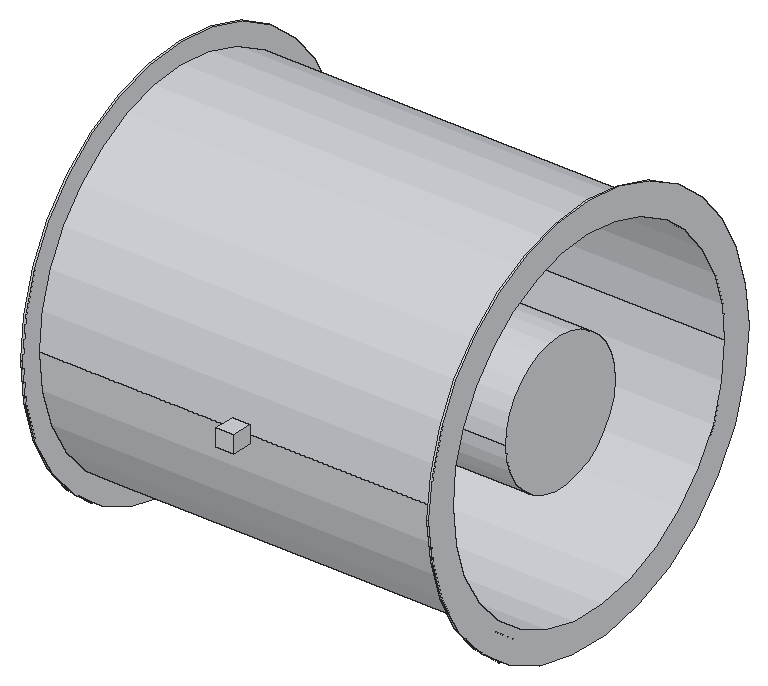
Revit family "轴流式管道风机", category 机械设备, Revit 2016
Family settings
  零件类型 = 标准
  圆形连接件大小 = 使用直径
  基于工作平面 = 否
  总是垂直 = 是
  加载时剪切的空心 = 否
  共享 = 否
  房间计算点 = 否
Parameters (values of type "标准")
  风量 [instance] = 399.6 m³/h
  风机长度 [instance] = 600 mm
  风机直径 [instance] = 风管半径 * 2 + 法兰延伸长度 * 2  # 585 mm
  风管半径的一半 [instance] = 风管半径 / 2  # 131.25 mm
  风管半径 [instance] = 入口半径 * 1.05  # 262.5 mm
  风机材质 [instance] = none
  风机半径 [instance] = 风机直径 / 2  # 292.5 mm
  长度 [instance] = 风机长度 * 0.3  # 180 mm
  重量 [instance] = 11.00 kg
  转速 [instance] = "1450 r/min"
  负荷分类 [instance] = 电力
  视在负荷 [instance] = 25 VA
  统计名称 [instance] = ""
  类型注释 = "轴流式管道风机"
  符号长度 [instance] = 风管半径的一半  # 131.25 mm
  电压 [instance] = 380 V
  电动机长度 [instance] = (风机长度 - 长度) * 0.9  # 378 mm
  电动机半径 [instance] = 入口半径 * 0.4  # 100 mm
  法兰延伸长度 [instance] = 30 mm
  叶片延伸高度 [instance] = sqrt((叶片半长) * (叶片半长) - (叶片宽度) * (叶片宽度) / 4)  # 205.752 mm
  法兰厚度 [instance] = 3 mm
  极数 [instance] = 3
  接线盒尺寸 [instance] = 电动机半径 * 0.25  # 25 mm
  声音 [instance] = "54 dB"
  型号 = "标准"
  叶片长度 [instance] = 入口直径 * 0.85  # 425 mm
  叶片宽度 [instance] = 叶片长度 * 0.25  # 106.25 mm
  叶片厚度 [instance] = 风机长度 * 0.05  # 30 mm
  叶片半长 [instance] = 叶片长度 * 0.5  # 212.5 mm
  半径R [instance] = sqrt((叶片延伸高度 / 2) ^ (2) + (叶片宽度 / 2) ^ (2))  # 115.783 mm
  半径 [instance] = 电动机半径 * 0.35  # 35 mm
  功率系数 [instance] = 0.85
  功率 [instance] = 20 W
  出口直径 [instance] = 入口直径  # 500 mm
  Manufacturer = ""
  全压 [instance] = 29.0 Pa
  入口直径 [instance] = 500 mm
  入口半径 [instance] = 入口直径 / 2  # 250 mm
Reference planes
  plane 1 "中心(前/后)": y = 0
  plane 2: z = 0
  plane 3 "中心(左/右)": x = 0
  plane 4 "法兰4": x = 300
  plane 5 "法兰2": x = -297
  plane 6 "法兰3": x = 297
  plane 7 "叶片2": x = -260
  plane 8 "叶片1": x = -290
  plane 9 "符号中心": x = -120
  plane 10 "电动机末端": x = 258
  plane 11: y = 292.5
  plane 12: y = -292.5
  plane 13: y = 262.5
  plane 14: y = -262.5
  plane 15: y = 131.25
  plane 16: y = -131.25
  plane 17: y = 100
  plane 18: y = -100
  plane 19 "符号半径2": x = 11.25
  plane 20 "符号半径1": x = -251.25
  plane 21: z = 0
  plane 22: y = -53.125
  plane 23: y = 53.125
  plane 24: z = 205.752
  plane 25: z = -205.752
  plane 26: y = 205.752
  plane 27: y = -205.752
  plane 28: z = 53.125
  plane 29: z = -53.125
  plane 30: z = 131.25
  plane 31: z = 262.5
  plane 32: z = -131.25
  plane 33: z = -262.5
  plane 34: z = 100
  plane 35: z = -100
  plane 36 "法兰1": x = -300
  plane 37: z = 103.5
  plane 38: z = -103.5
  plane 39: z = 292.5
  plane 40: z = -292.5
Forms (mm)
  Extrusion 1, solid, material <- "风机材质", detail levels fine
    sketch origin (0, 0, 0) x (0, 1, 0) y (0, 0, 1)
      loop
        circle (0, 0) r 262.5
    from -297 to 297
  Extrusion 2, void, detail levels fine
    sketch origin (0, 0, 0) x (0, 1, 0) y (0, 0, 1)
      loop
        circle (0, 0) r 250
    from -300 to 300
  Extrusion 3, solid, material <- "风机材质", detail levels fine
    sketch origin (0, 0, 0) x (0, 1, 0) y (0, 0, 1)
      loop
        arc (53.125, 0) -> (115.783, 102.876) -> (53.125, 205.752) r 115.783
        arc (53.125, 205.752) -> (0, 212.5) -> (-53.125, 205.752) r 212.5
        arc (-53.125, 205.752) -> (-115.783, 102.876) -> (-53.125, 0) r 115.783
        line (-53.125, 0) -> (53.125, 0)
    from -290 to -260
  Extrusion 4, solid, material <- "风机材质", detail levels fine
    sketch origin (0, 0, 320) x (0, 1, 0) y (0, 0, 1)
      loop
        line (53.125, -320) -> (-53.125, -320)
        arc (-53.125, -320) -> (-115.783, -422.876) -> (-53.125, -525.752) r 115.783
        arc (-53.125, -525.752) -> (0, -532.5) -> (53.125, -525.752) r 212.5
        arc (53.125, -525.752) -> (115.783, -422.876) -> (53.125, -320) r 115.783
    from -290 to -260
  Extrusion 5, solid, material <- "风机材质", detail levels fine
    sketch origin (0, 160, 160) x (0, 0, -1) y (0, 1, 0)
      loop
        line (213.125, -160) -> (106.875, -160)
        arc (106.875, -160) -> (44.217, -262.876) -> (106.875, -365.752) r 115.783
        arc (106.875, -365.752) -> (160, -372.5) -> (213.125, -365.752) r 212.5
        arc (213.125, -365.752) -> (275.783, -262.876) -> (213.125, -160) r 115.783
    from -290 to -260
  Extrusion 6, solid, material <- "风机材质", detail levels fine
    sketch origin (0, -160, 160) x (0, 0, -1) y (0, 1, 0)
      loop
        arc (213.125, 160) -> (275.783, 262.876) -> (213.125, 365.752) r 115.783
        arc (213.125, 365.752) -> (160, 372.5) -> (106.875, 365.752) r 212.5
        arc (106.875, 365.752) -> (44.217, 262.876) -> (106.875, 160) r 115.783
        line (106.875, 160) -> (213.125, 160)
    from -290 to -260
  Extrusion 7, solid, material <- "风机材质", detail levels fine
    sketch origin (0, 0, 0) x (0, 1, 0) y (0, 0, 1)
      loop
        circle (0, 0) r 100
    from -120 to 258
  Extrusion 8, solid, material <- "风机材质", detail levels fine
    sketch origin (0, 0, 0) x (0, 1, 0) y (0, 0, 1)
      loop
        circle (0, 0) r 35
    from -300 to -120
  Extrusion 9, solid, material <- "风机材质", detail levels fine
    sketch origin (0, 0, 0) x (1, 0, 0) y (0, 0, 1)
      loop
        line (-12.5, 12.5) -> (-12.5, -12.5) -> (12.5, -12.5) -> (12.5, 12.5) -> (-12.5, 12.5)
    from 262.5 to 292.5
  Extrusion 10, solid, material <- "风机材质", detail levels fine
    sketch origin (0, 0, 0) x (0, 1, 0) y (0, 0, 1)
      loop
        circle (0, 0) r 292.5
    from -300 to -297
  Extrusion 11, solid, material <- "风机材质", detail levels fine
    sketch origin (0, 0, 0) x (0, 1, 0) y (0, 0, 1)
      loop
        circle (0, 0) r 292.5
    from 297 to 300
  Extrusion 12, solid, material <- "风机材质", detail levels medium
    sketch origin (0, 710, 0) x (0, 1, 0) y (0, 0, 1)
      loop
        circle (-710, 0) r 262.5
    from -297 to 297
  Extrusion 13, solid, material <- "风机材质", detail levels medium
    sketch origin (0, 640, 0) x (0, 1, 0) y (0, 0, 1)
      loop
        circle (-640, 0) r 292.5
    from -300 to -297
  Extrusion 14, solid, material <- "风机材质", detail levels medium
    sketch origin (0, 640, 0) x (0, 1, 0) y (0, 0, 1)
      loop
        circle (-640, 0) r 292.5
    from 297 to 300
  Extrusion 15, solid, material <- "风机材质", detail levels medium
    sketch origin (0, 200, 0) x (0, 1, 0) y (0, 0, 1)
      loop
        arc (-146.875, 0) -> (-84.217, 102.876) -> (-146.875, 205.752) r 115.783
        arc (-146.875, 205.752) -> (-200, 212.5) -> (-253.125, 205.752) r 212.5
        arc (-253.125, 205.752) -> (-315.783, 102.876) -> (-253.125, 0) r 115.783
        line (-253.125, 0) -> (-146.875, 0)
    from -290 to -260
  Extrusion 16, solid, material <- "风机材质", detail levels medium
    sketch origin (0, 0, 320) x (0, 1, 0) y (0, 0, 1)
      loop
        line (53.125, -320) -> (-53.125, -320)
        arc (-53.125, -320) -> (-115.783, -422.876) -> (-53.125, -525.752) r 115.783
        arc (-53.125, -525.752) -> (0, -532.5) -> (53.125, -525.752) r 212.5
        arc (53.125, -525.752) -> (115.783, -422.876) -> (53.125, -320) r 115.783
    from -290 to -260
  Extrusion 17, solid, material <- "风机材质", detail levels medium
    sketch origin (0, 800, 160) x (0, 0, -1) y (0, 1, 0)
      loop
        line (213.125, -800) -> (106.875, -800)
        arc (106.875, -800) -> (44.217, -902.876) -> (106.875, -1005.752) r 115.783
        arc (106.875, -1005.752) -> (160, -1012.5) -> (213.125, -1005.752) r 212.5
        arc (213.125, -1005.752) -> (275.783, -902.876) -> (213.125, -800) r 115.783
    from -290 to -260
  Extrusion 18, solid, material <- "风机材质", detail levels medium
    sketch origin (0, -160, 160) x (0, 0, -1) y (0, 1, 0)
      loop
        arc (213.125, 160) -> (275.783, 262.876) -> (213.125, 365.752) r 115.783
        arc (213.125, 365.752) -> (160, 372.5) -> (106.875, 365.752) r 212.5
        arc (106.875, 365.752) -> (44.217, 262.876) -> (106.875, 160) r 115.783
        line (106.875, 160) -> (213.125, 160)
    from -290 to -260
  Extrusion 19, solid, material <- "风机材质", detail levels medium
    sketch origin (0, 460, 0) x (0, 1, 0) y (0, 0, 1)
      loop
        circle (-460, 0) r 100
    from -120 to 258
  Extrusion 20, solid, material <- "风机材质", detail levels medium
    sketch origin (0, 0, 440) x (1, 0, 0) y (0, 0, 1)
      loop
        line (-12.5, -427.5) -> (-12.5, -452.5) -> (12.5, -452.5) -> (12.5, -427.5) -> (-12.5, -427.5)
    from 262.5 to 292.5
  Extrusion 21, solid, material <- "风机材质", detail levels medium
    sketch origin (0, 274.134, 0) x (0, 1, 0) y (0, 0, 1)
      loop
        circle (-274.134, 0) r 35
    from -300 to -120
Cuts and joins
  joined: Extrusion 3, Extrusion 4, Extrusion 5, Extrusion 6
  Extrusion 2 cuts Extrusion 1
  Extrusion 2 cuts Extrusion 10
  Extrusion 2 cuts Extrusion 11
  joined: Extrusion 1, Extrusion 10, Extrusion 11
  Extrusion 2 cuts Extrusion 12
  Extrusion 2 cuts Extrusion 13
  Extrusion 2 cuts Extrusion 14
  joined: Extrusion 12, Extrusion 13, Extrusion 14
  joined: Extrusion 15, Extrusion 16, Extrusion 17, Extrusion 18
  joined: Extrusion 19, Extrusion 21
Lines and regions (mm)
  symbolic lines, detail levels coarse+medium
    curve 1: arc (-120, 0, 262.5) -> (-65.634, 0, 131.25) -> (-120, 0, 0) r 185.616
    curve 2: arc (-120, 0, 262.5) -> (-173.905, 0, 131.25) -> (-120, 0, 0) r 186.739
    curve 3: arc (-120, 0, -262.5) -> (-65.634, 0, -131.25) -> (-120, 0, 0) r 185.616
    curve 4: arc (-120, 0, -262.5) -> (-174.366, 0, -131.25) -> (-120, 0, 0) r 185.616
    curve 5: line (-120, 0, 0) -> (0, 0, 0)
    curve 6: line (-300, 0, 262.5) -> (300, 0, 262.5)
    curve 7: line (-300, 0, -262.5) -> (300, 0, -262.5)
    curve 22: line (258, 0, -100) -> (0, 0, -100)
    curve 23: line (258, 0, 100) -> (258, 0, -100)
    curve 24: line (0, 0, 100) -> (258, 0, 100)
    curve 25: line (0, 0, -100) -> (0, 0, 100)
    curve 26: line (-300, 0, 292.5) -> (-300, 0, -292.5)
    curve 27: line (300, 0, -292.5) -> (300, 0, 292.5)
  symbolic lines, detail levels coarse
    curve 8: line (300, 0, 0) -> (300, 0, 8.57)
  model lines, detail levels coarse
    curve 9: line (300, -292.5, 0) -> (300, 292.5, 0)
    curve 10: line (-300, 292.5, 0) -> (-300, -292.5, 0)
    curve 11: line (-300, 262.5, 0) -> (300, 262.5, 0)
    curve 12: line (-300, -262.5, 0) -> (300, -262.5, 0)
    curve 13: arc (-120, 262.5, 0) -> (-65.634, 131.25, 0) -> (-120, 0, 0) r 185.616
    curve 14: arc (-120, 262.5, 0) -> (-174.366, 131.25, 0) -> (-120, 0, 0) r 185.616
    curve 15: arc (-120, -262.5, 0) -> (-65.634, -131.25, 0) -> (-120, 0, 0) r 185.616
    curve 16: arc (-120, -262.5, 0) -> (-174.366, -131.25, 0) -> (-120, 0, 0) r 185.616
    curve 17: line (-120, 0, 0) -> (0, 0, 0)
    curve 18: line (0, 100, 0) -> (258, 100, 0)
    curve 19: line (0, -100, 0) -> (0, 100, 0)
    curve 20: line (258, -100, 0) -> (0, -100, 0)
    curve 21: line (258, 100, 0) -> (258, -100, 0)
  symbolic lines, style "MechanicalEquipment", detail levels medium
    curve 28: line (300, -292.5, 0) -> (300, 292.5, 0)
    curve 29: line (-300, 292.5, 0) -> (-300, -292.5, 0)
    curve 30: line (-300, 262.5, 0) -> (300, 262.5, 0)
    curve 31: line (-300, -262.5, 0) -> (300, -262.5, 0)
    curve 32: arc (-120, 262.5, 0) -> (-65.634, 131.25, 0) -> (-120, 0, 0) r 185.616
    curve 33: arc (-120, 262.5, 0) -> (-174.366, 131.25, 0) -> (-120, 0, 0) r 185.616
    curve 34: arc (-120, -262.5, 0) -> (-65.634, -131.25, 0) -> (-120, 0, 0) r 185.616
    curve 35: arc (-120, -262.5, 0) -> (-174.366, -131.25, 0) -> (-120, 0, 0) r 185.616
    curve 36: line (-120, 0, 0) -> (0, 0, 0)
    curve 37: line (0, 100, 0) -> (258, 100, 0)
    curve 38: line (0, -100, 0) -> (0, 100, 0)
    curve 39: line (258, -100, 0) -> (0, -100, 0)
    curve 40: line (258, 100, 0) -> (258, -100, 0)
Dimensions and locks
  "法兰厚度": plane 36 "法兰1" to plane 5 "法兰2"
  "叶片厚度": plane 8 "叶片1" to plane 7 "叶片2"
  equal spacing: plane 11, plane 1 "中心(前/后)", plane 12
  "风机直径": plane 11 to plane 12
  "风管半径": plane 1 "中心(前/后)" to plane 13
  "风管半径": plane 14 to plane 1 "中心(前/后)"
  "电动机半径": plane 1 "中心(前/后)" to plane 17
  "电动机半径": plane 18 to plane 1 "中心(前/后)"
  "符号长度": plane 9 "符号中心" to plane 19 "符号半径2"
  "符号长度": plane 20 "符号半径1" to plane 9 "符号中心"
  "叶片宽度": plane 23 to plane 22
  equal spacing: plane 23, plane 1 "中心(前/后)", plane 22
  "叶片延伸高度": plane 24 to plane 21
  equal spacing: plane 25, plane 21, plane 24
  "叶片延伸高度": plane 26 to plane 1 "中心(前/后)"
  equal spacing: plane 26, plane 1 "中心(前/后)", plane 27
  "叶片宽度": plane 28 to plane 29
  equal spacing: plane 28, plane 21, plane 29
  equal spacing: Extrusion 9 sketch curve, plane 21, Extrusion 9 sketch curve
  Extrusion 9 sketch curve to Extrusion 9 sketch curve = 25 mm
  "接线盒尺寸": Extrusion 9 sketch curve to Extrusion 9 sketch curve  (x2)
  equal spacing: plane 31, plane 30, plane 21
  "风管半径的一半": plane 32 to plane 21
  equal spacing: plane 33, plane 32, plane 21
  "电动机半径": plane 34 to plane 21
  "电动机半径": plane 21 to plane 35
  "风机长度": plane 36 "法兰1" to plane 4 "法兰4"
  "法兰厚度": plane 6 "法兰3" to plane 4 "法兰4"
  "电动机长度": plane 9 "符号中心" to plane 10 "电动机末端"
  "长度": plane 36 "法兰1" to plane 9 "符号中心"
  equal spacing: plane 36 "法兰1", plane 3 "中心(左/右)", plane 4 "法兰4"
  plane 36 "法兰1" to plane 8 "叶片1" = 10 mm
  equal spacing: Extrusion 9 sketch curve, curve 25, Extrusion 9 sketch curve
  equal spacing: plane 14, plane 1 "中心(前/后)", plane 13
  equal spacing: plane 1 "中心(前/后)", plane 15, plane 13
  equal spacing: plane 14, plane 16, plane 1 "中心(前/后)"
  "风管半径的一半": plane 30 to level
  "风机直径": plane 39 to plane 40
  equal spacing: plane 39, plane 21, plane 40
  equal spacing: Extrusion 20 sketch curve, level, Extrusion 20 sketch curve
  "接线盒尺寸": Extrusion 20 sketch curve to Extrusion 20 sketch curve  (x2)
  equal spacing: Extrusion 20 sketch curve, plane 3 "中心(左/右)", Extrusion 20 sketch curve
  "风管半径": radius of Extrusion 1 sketch curve
  "入口半径": radius of Extrusion 2 sketch curve
  "叶片半长": radius of Extrusion 3 sketch curve
  "半径R": radius of Extrusion 3 sketch curve  (x2)
  "叶片半长": radius of Extrusion 4 sketch curve
  "半径R": radius of Extrusion 4 sketch curve  (x2)
  "叶片半长": radius of Extrusion 5 sketch curve
  "半径R": radius of Extrusion 5 sketch curve  (x2)
  "叶片半长": radius of Extrusion 6 sketch curve
  "半径R": radius of Extrusion 6 sketch curve  (x2)
  "电动机半径": radius of Extrusion 7 sketch curve
  "半径": radius of Extrusion 8 sketch curve
  "风机半径": radius of Extrusion 10 sketch curve
  "风机半径": radius of Extrusion 11 sketch curve
  "风管半径": radius of Extrusion 12 sketch curve
  "风机半径": radius of Extrusion 13 sketch curve
  "风机半径": radius of Extrusion 14 sketch curve
  "叶片半长": radius of Extrusion 15 sketch curve
  "半径R": radius of Extrusion 15 sketch curve  (x2)
  "叶片半长": radius of Extrusion 16 sketch curve
  "半径R": radius of Extrusion 16 sketch curve  (x2)
  "叶片半长": radius of Extrusion 17 sketch curve
  "半径R": radius of Extrusion 17 sketch curve  (x2)
  "叶片半长": radius of Extrusion 18 sketch curve
  "半径R": radius of Extrusion 18 sketch curve  (x2)
  "电动机半径": radius of Extrusion 19 sketch curve
  "半径": radius of Extrusion 21 sketch curve
  aligned and locked: plane 21 to Extrusion 1 sketch curve
  aligned and locked: plane 1 "中心(前/后)" to Extrusion 1 sketch curve
  aligned and locked: Extrusion 1 to plane 5 "法兰2"
  aligned and locked: plane 6 "法兰3" to Extrusion 1
  aligned and locked: plane 21 to Extrusion 2 sketch curve
  aligned and locked: plane 1 "中心(前/后)" to Extrusion 2 sketch curve
  aligned and locked: plane 4 "法兰4" to Extrusion 2
  aligned and locked: plane 1 "中心(前/后)" to Extrusion 3 sketch curve  (x3)
  aligned and locked: plane 24 to Extrusion 3 sketch curve
  aligned and locked: plane 22 to Extrusion 3 sketch curve
  aligned and locked: plane 21 to Extrusion 3 sketch curve  (x2)
  aligned and locked: plane 23 to Extrusion 3 sketch curve
  aligned and locked: Extrusion 3 to plane 8 "叶片1"
  aligned and locked: plane 7 "叶片2" to Extrusion 3
  aligned and locked: plane 1 "中心(前/后)" to Extrusion 6  (x2)
  aligned and locked: Extrusion 5 to plane 1 "中心(前/后)"
  aligned and locked: plane 21 to Extrusion 4
  aligned and locked: Extrusion 3 to plane 21
  aligned and locked: Extrusion 6 to plane 8 "叶片1"
  aligned and locked: plane 7 "叶片2" to Extrusion 6
  aligned and locked: Extrusion 6 to Extrusion 3
  aligned and locked: Extrusion 5 to plane 8 "叶片1"
  aligned and locked: plane 7 "叶片2" to Extrusion 5
  aligned and locked: Extrusion 3 to Extrusion 4
  aligned and locked: Extrusion 4 to plane 8 "叶片1"
  aligned and locked: plane 7 "叶片2" to Extrusion 4
  aligned and locked: plane 21 to Extrusion 7 sketch curve
  aligned and locked: plane 1 "中心(前/后)" to Extrusion 7 sketch curve
  aligned and locked: plane 1 "中心(前/后)" to Extrusion 8 sketch curve
  aligned and locked: plane 21 to Extrusion 8 sketch curve
  aligned and locked: plane 10 "电动机末端" to Extrusion 7  (x3)
  aligned and locked: Extrusion 7 to plane 9 "符号中心"
  aligned and locked: plane 9 "符号中心" to Extrusion 8
  aligned and locked: plane 1 "中心(前/后)" to Extrusion 6 sketch curve  (x3)
  aligned and locked: plane 26 to Extrusion 6 sketch curve  (x2)
  aligned and locked: plane 28 to Extrusion 6 sketch curve
  aligned and locked: plane 29 to Extrusion 6 sketch curve
  aligned and locked: plane 21 to Extrusion 6 sketch curve
  aligned and locked: plane 21 to Extrusion 5 sketch curve  (x3)
  aligned and locked: plane 1 "中心(前/后)" to Extrusion 5 sketch curve  (x3)
  aligned and locked: plane 28 to Extrusion 5 sketch curve
  aligned and locked: plane 29 to Extrusion 5 sketch curve
  aligned and locked: plane 21 to Extrusion 4 sketch curve  (x3)
  aligned and locked: plane 1 "中心(前/后)" to Extrusion 4 sketch curve  (x3)
  aligned and locked: plane 22 to Extrusion 4 sketch curve
  aligned and locked: plane 23 to Extrusion 4 sketch curve
  aligned and locked: Extrusion 8 to Extrusion 7
  aligned and locked: plane 12 to Extrusion 9
  aligned and locked: plane 20 "符号半径1" to curve 1
  aligned and locked: plane 30 to curve 1
  aligned and locked: plane 9 "符号中心" to curve 1
  aligned and locked: plane 32 to curve 3
  aligned and locked: plane 20 "符号半径1" to curve 3
  aligned and locked: curve 5 to plane 21
  aligned and locked: plane 4 "法兰4" to curve 7
  aligned and locked: Extrusion 9 to plane 12  (x2)
  aligned and locked: plane 14 to Extrusion 9
  aligned and locked: plane 13 to curve 11
  aligned and locked: curve 12 to plane 14
  aligned and locked: plane 4 "法兰4" to curve 12
  aligned and locked: plane 15 to curve 13
  aligned and locked: plane 20 "符号半径1" to curve 13
  aligned and locked: plane 15 to curve 14
  aligned and locked: plane 19 "符号半径2" to curve 14
  aligned and locked: plane 16 to curve 16
  aligned and locked: plane 9 "符号中心" to curve 16
  aligned and locked: plane 17 to curve 18
  aligned and locked: curve 10 to Extrusion 10 sketch curve
  aligned and locked: plane 1 "中心(前/后)" to Extrusion 10 sketch curve
  aligned and locked: plane 5 "法兰2" to Extrusion 10
  aligned and locked: plane 21 to Extrusion 11 sketch curve
  aligned and locked: plane 1 "中心(前/后)" to Extrusion 11 sketch curve
  aligned and locked: plane 4 "法兰4" to Extrusion 11
  aligned and locked: Extrusion 11 to plane 6 "法兰3"
  aligned and locked: curve 23 to plane 10 "电动机末端"
  aligned and locked: plane 34 to curve 24
  aligned and locked: plane 35 to curve 22
  aligned and locked: Extrusion 10 to plane 36 "法兰1"
  aligned and locked: Extrusion 10 to Extrusion 1
  aligned and locked: Extrusion 10 to Extrusion 2
  aligned and locked: Extrusion 11 to Extrusion 2
  aligned and locked: Extrusion 11 to Extrusion 1
  aligned and locked: curve 10 to plane 36 "法兰1"
  aligned and locked: plane 4 "法兰4" to cut or joined group of Extrusion 1, Extrusion 2, Extrusion 10, Extrusion 11
  aligned and locked: plane 1 "中心(前/后)" to curve 17
  aligned and locked: cut or joined group of Extrusion 1, Extrusion 2, Extrusion 10, Extrusion 11 to plane 36 "法兰1"  (x4)
  aligned and locked: plane 5 "法兰2" to cut or joined group of Extrusion 1, Extrusion 2, Extrusion 10, Extrusion 11  (x2)
  aligned and locked: cut or joined group of Extrusion 1, Extrusion 2, Extrusion 10, Extrusion 11 to plane 6 "法兰3"
  aligned and locked: plane 4 "法兰4" to curve 9
  aligned and locked: cut or joined group of Extrusion 1, Extrusion 2, Extrusion 10, Extrusion 11 to plane 4 "法兰4"  (x3)
  aligned and locked: plane 36 "法兰1" to cut or joined group of Extrusion 1, Extrusion 2, Extrusion 10, Extrusion 11  (x3)
  aligned and locked: curve 10 to Extrusion 8
  aligned and locked: cut or joined group of Extrusion 1, Extrusion 2, Extrusion 10, Extrusion 11 to Extrusion 8
  aligned and locked: plane 36 "法兰1" to curve 6
  aligned and locked: level to curve 16
  aligned and locked: plane 3 "中心(左/右)" to curve 25
  aligned and locked: plane 6 "法兰3" to cut or joined group of Extrusion 1, Extrusion 2, Extrusion 10, Extrusion 11
  aligned and locked: plane 4 "法兰4" to curve 27
  aligned and locked: plane 39 to curve 27
  aligned and locked: plane 39 to curve 26
  aligned and locked: curve 26 to plane 36 "法兰1"
  aligned and locked: plane 40 to curve 26
  aligned and locked: Extrusion 13 to Extrusion 12
  aligned and locked: Extrusion 14 to Extrusion 12
  aligned and locked: Extrusion 18 to Extrusion 15
  aligned and locked: Extrusion 15 to Extrusion 16
  aligned and locked: curve 40 to plane 10 "电动机末端"
  aligned and locked: plane 3 "中心(左/右)" to curve 38
  aligned and locked: curve 29 to plane 36 "法兰1"
  aligned and locked: plane 20 "符号半径1" to curve 32
  aligned and locked: plane 20 "符号半径1" to curve 34
  aligned and locked: plane 19 "符号半径2" to curve 33
  aligned and locked: plane 19 "符号半径2" to curve 35
  aligned and locked: plane 9 "符号中心" to curve 33
  aligned and locked: plane 9 "符号中心" to curve 32
  aligned and locked: plane 9 "符号中心" to curve 35
  aligned and locked: plane 9 "符号中心" to curve 34
  aligned and locked: plane 12 to curve 29
  aligned and locked: plane 12 to curve 28
  aligned and locked: plane 11 to curve 28
  aligned and locked: plane 11 to curve 29
  aligned and locked: plane 13 to curve 30
  aligned and locked: curve 31 to plane 14
  aligned and locked: plane 4 "法兰4" to curve 30
  aligned and locked: plane 36 "法兰1" to curve 30
  aligned and locked: plane 4 "法兰4" to curve 31
  aligned and locked: plane 36 "法兰1" to curve 31
  aligned and locked: plane 18 to curve 39
  aligned and locked: plane 14 to curve 35
  aligned and locked: cut or joined group of Extrusion 2, Extrusion 12, Extrusion 13, Extrusion 14 to plane 36 "法兰1"
  aligned and locked: cut or joined group of Extrusion 2, Extrusion 12, Extrusion 13, Extrusion 14 to plane 5 "法兰2"
  aligned and locked: plane 5 "法兰2" to cut or joined group of Extrusion 2, Extrusion 12, Extrusion 13, Extrusion 14
  aligned and locked: plane 6 "法兰3" to cut or joined group of Extrusion 2, Extrusion 12, Extrusion 13, Extrusion 14  (x2)
  aligned and locked: plane 4 "法兰4" to cut or joined group of Extrusion 2, Extrusion 12, Extrusion 13, Extrusion 14
  aligned and locked: cut or joined group of Extrusion 15, Extrusion 16, Extrusion 17, Extrusion 18 to plane 8 "叶片1"  (x4)
  aligned and locked: plane 8 "叶片1" to cut or joined group of Extrusion 15, Extrusion 16, Extrusion 17, Extrusion 18  (x4)
  aligned and locked: plane 7 "叶片2" to cut or joined group of Extrusion 15, Extrusion 16, Extrusion 17, Extrusion 18  (x3)
  aligned and locked: cut or joined group of Extrusion 19, Extrusion 21 to plane 36 "法兰1"
  aligned and locked: plane 9 "符号中心" to cut or joined group of Extrusion 19, Extrusion 21
  aligned and locked: cut or joined group of Extrusion 19, Extrusion 21 to plane 9 "符号中心"  (x2)
  aligned and locked: plane 10 "电动机末端" to cut or joined group of Extrusion 19, Extrusion 21
  aligned and locked: plane 14 to Extrusion 20
  aligned and locked: plane 12 to Extrusion 20
  aligned and locked: plane 1 "中心(前/后)" to Extrusion 13 sketch curve
  aligned and locked: level to Extrusion 13 sketch curve
  aligned and locked: level to Extrusion 14 sketch curve
  aligned and locked: plane 1 "中心(前/后)" to Extrusion 14 sketch curve
  aligned and locked: plane 1 "中心(前/后)" to Extrusion 12 sketch curve
  aligned and locked: level to Extrusion 12 sketch curve
  aligned and locked: plane 1 "中心(前/后)" to Extrusion 19 sketch curve
  aligned and locked: level to Extrusion 19 sketch curve
  aligned and locked: plane 1 "中心(前/后)" to Extrusion 21 sketch curve
  aligned and locked: level to Extrusion 21 sketch curve
  aligned and locked: plane 1 "中心(前/后)" to Extrusion 17 sketch curve  (x3)
  aligned and locked: plane 28 to Extrusion 17 sketch curve  (x2)
  aligned and locked: plane 29 to Extrusion 17 sketch curve  (x2)
  aligned and locked: plane 27 to Extrusion 17 sketch curve
  aligned and locked: plane 23 to Extrusion 15 sketch curve
  aligned and locked: level to Extrusion 15 sketch curve  (x3)
  aligned and locked: plane 22 to Extrusion 15 sketch curve  (x2)
  aligned and locked: plane 24 to Extrusion 15 sketch curve  (x2)
  aligned and locked: Extrusion 16 sketch curve to level
  aligned and locked: plane 1 "中心(前/后)" to Extrusion 16 sketch curve
  aligned and locked: level to Extrusion 16 sketch curve
  aligned and locked: plane 23 to Extrusion 16 sketch curve  (x2)
  aligned and locked: plane 22 to Extrusion 16 sketch curve
  aligned and locked: plane 25 to Extrusion 16 sketch curve  (x2)
  aligned and locked: plane 1 "中心(前/后)" to Extrusion 18 sketch curve
  aligned and locked: plane 28 to Extrusion 18 sketch curve  (x2)
  aligned and locked: plane 29 to Extrusion 18 sketch curve  (x2)
  aligned and locked: plane 26 to Extrusion 18 sketch curve  (x2)
Automatic sketch dimensions
  curve 2 to plane 9 "符号中心" = 0 mm
  curve 3 to plane 9 "符号中心" = 0 mm
  curve 4 to plane 19 "符号半径2" = 0 mm
  curve 8 to plane 4 "法兰4" = 0 mm
  curve 27 to plane 40 = 0 mm
  curve 8 to level = 0 mm
  plane 19 "符号半径2" to curve 2 = 1.584 mm
  level to curve 8 = 8.57 mm
  curve 16 to curve 35 = 0 mm
  plane 12 to curve 9 = 0 mm
  plane 12 to curve 10 = 0 mm
  curve 10 to plane 11 = 0 mm
  curve 9 to plane 11 = 0 mm
Connectors
  hvac at (300, 0, 0), driven by "风量", driven by "出口直径"
    settings: on cut or joined group of Extrusion 1, Extrusion 2, Extrusion 10, Extrusion 11, index 5, duct flow 399.6 m³/h, flow factor 0, pres drop 0.0 Pa, loss coef 0, conn angle 0.00°, conn width 304.8 mm, conn height 304.8 mm, conn diameter 500 mm, duct sys type 29, conn prof type 0, flow config 1, flow direction 2, loss method 4, conn ref index 6, conn util no, is conn primary no, conn desc ""
  hvac at (-300, 0, 0), driven by "风量", driven by "入口直径"
    settings: on cut or joined group of Extrusion 1, Extrusion 2, Extrusion 10, Extrusion 11, index 6, duct flow 399.6 m³/h, flow factor 0, pres drop 0.0 Pa, loss coef 0, conn angle 0.00°, conn width 304.8 mm, conn height 304.8 mm, conn diameter 500 mm, duct sys type 29, conn prof type 0, flow config 1, flow direction 1, loss method 4, conn ref index 5, conn util no, is conn primary yes, conn desc ""
  electrical at (0, -292.5, 0), driven by "极数", driven by "电压", driven by "视在负荷", driven by "功率系数", driven by "负荷分类"
    settings: on Extrusion 9, index 7, voltage 380 V, apparent load 0 VA, apparent load phase1 25 VA, apparent load phase2 0 VA, apparent load phase3 0 VA, power factor 0.85, load classification "电力", number of poles 3, system type 31, power factor state 1, is connector primary yes, connector utility no, sub classification motor no, connector description ""
